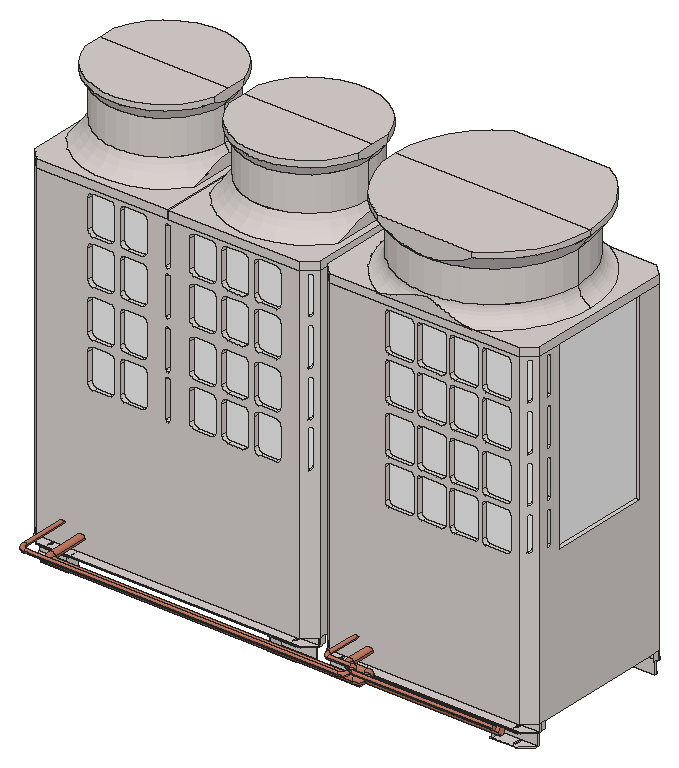
Revit family "PUHY-P650YSNW-A1", category 機械設備, Revit 2016 (continued)
Definition of nested family "PUHY-P250YNW-A1"
  Nested families
    nested 7: "ATTACHMENT LEG" at (374, 349, 0) x (-1, 0, 0) z (0, 0, 1), type "ATTACHMENT LEG"
  Connectors
    piping at (-217, -189, 176), diameter 22.2, driven by "Gas pipe_radius"
      settings: on Extrusion 18, index 3, connector inside diameter 22.2 mm, connector length 0.000 mm, flow factor 0, pipe flow 0.0 L/s, pressure drop 0.0 Pa, fitting loss kfactor 0, connector angle 0.00°, fixture units 0, engagement length 0.000 mm, angle of deflection 0.00°, flow configuration 0, flow direction 0, fitting loss method 0, system type 22, joint type 0, gender type 0, connector reference index -1, connector utility 0, adjustable connector no, is connector primary yes, connector description "Refrigerant service valve (gas)"
    piping at (-300, -172, 176), diameter 9.52, driven by "Liquid pipe_radius"
      settings: on Extrusion 19, index 4, connector inside diameter 9.52 mm, connector length 0.000 mm, flow factor 0, pipe flow 0.0 L/s, pressure drop 0.0 Pa, fitting loss kfactor 0, connector angle 0.00°, fixture units 0, engagement length 0.000 mm, angle of deflection 0.00°, flow configuration 0, flow direction 0, fitting loss method 0, system type 22, joint type 0, gender type 0, connector reference index -1, connector utility 0, adjustable connector no, is connector primary no, connector description "Refrigerant service valve (Liquid)"
    electrical at (0, -370, 808)
      settings: on cut or joined group of Extrusion 1, Extrusion 2, Extrusion 3, Extrusion 4, Extrusion 5, Extrusion 6, Extrusion 7, Extrusion 8, Extrusion 9, Extrusion 10, Extrusion 11, Extrusion 12, Extrusion 13, Extrusion 14, Extrusion 15, Extrusion 16, Extrusion 17, Extrusion 20, Extrusion 21, Extrusion 22, Extrusion 23, Extrusion 24, Extrusion 25, Extrusion 26, Extrusion 27, Extrusion 28, Extrusion 29, Extrusion 30, Extrusion 31, Extrusion 32, index 5, voltage 415 V, apparent load 0 VA, apparent load phase1 0 VA, apparent load phase2 0 VA, apparent load phase3 0 VA, power factor 1, load classification none, number of poles 3, system type 30, power factor state 1, is connector primary yes, connector utility no, sub classification motor no, connector description ""
  Definition of nested family "FAN GUARD"
    Parameters
      WIDTH [instance] = 920.000 mm
    Reference planes
      plane 1 "中心(正面/背面)": y = 0
      plane 2: z = 0
      plane 3 "中心(左/右)": x = 0
      plane 4 "ファンガード基準面": z = 660
      plane 5: y = 370
      plane 6: y = -370
      plane 7: x = 460
      plane 8: x = -460
      plane 9 "ファンガード基準上面": z = 694
      plane 10 "ファンガード上面": z = 997
    Forms (mm)
      Extrusion 1, solid
        sketch origin (0, 0, 660) x (-1, 0, 0) y (0, -1, 0)
          loop
            line (410, -370) -> (460, -320) -> (460, 320) -> (410, 370) -> (-410, 370) -> (-460, 320) -> (-460, -320) -> (-410, -370) -> (410, -370)
        from 0 to 34
      Revolve 2, solid
        sketch origin (0, 0, 0) x (1, 0, 0) y (0, 0, 1)
          loop
            line (0, 694) -> (0, 997) -> (-423, 997) -> (-423, 973) -> (-368.829, 903.664) -> (-368.829, 764.141)
            arc (-368.829, 764.141) -> (-384.109, 719.678) -> (-423.494, 694) r 72.332
            line (-423.494, 694) -> (0, 694)
          axis (0, 997) -> (0, 694)
        angle from 0 to 360
      Extrusion 3, void
        sketch origin (0, 0, 694) x (-1, 0, 0) y (0, -1, 0)
          loop
            line (345, -370) -> (-345, -370) -> (-345, -545) -> (345, -545) -> (345, -370)
          loop
            line (345, 370) -> (345, 539.592) -> (-345, 539.592) -> (-345, 370) -> (345, 370)
        from 0 to 400
    Cuts and joins
      Extrusion 3 cuts Revolve 2
    Lines and regions (mm)
      model lines
        curve 1: line (-423, 0, 997) -> (-80, 0, 997)
        curve 2: line (80, 0, 997) -> (423, 0, 997)
        curve 3: circle (0, 0, 997) r 80 normal (0, 0, 1)
        curve 4: line (-415.366, -80, 997) -> (415.366, -80, 997)
        curve 5: line (-391.572, -160, 997) -> (391.572, -160, 997)
        curve 6: line (-348.323, -240, 997) -> (348.323, -240, 997)
        curve 7: line (-276.639, -320, 997) -> (276.639, -320, 997)
        curve 8: line (-415.366, 80, 997) -> (415.366, 80, 997)
        curve 9: line (-391.572, 160, 997) -> (391.572, 160, 997)
        curve 10: line (-348.323, 240, 997) -> (348.323, 240, 997)
        curve 11: line (-276.639, 320, 997) -> (276.639, 320, 997)
        curve 12: line (0, 370, 997) -> (0, -370, 997)
        curve 13: line (-20, 370, 997) -> (-20, -370, 997)
        curve 14: line (-40, 370, 997) -> (-40, -370, 997)
        curve 15: line (-60, 370, 997) -> (-60, -370, 997)
        curve 16: line (-80, 370, 997) -> (-80, -370, 997)
        curve 17: line (20, 370, 997) -> (20, -370, 997)
        curve 18: line (40, 370, 997) -> (40, -370, 997)
        curve 19: line (60, 370, 997) -> (60, -370, 997)
        curve 20: line (80, 370, 997) -> (80, -370, 997)
        curve 21: line (100, 370, 997) -> (100, -370, 997)
        curve 22: line (120, 370, 997) -> (120, -370, 997)
        curve 23: line (140, 370, 997) -> (140, -370, 997)
        curve 24: line (160, 370, 997) -> (160, -370, 997)
        curve 25: line (180, 370, 997) -> (180, -370, 997)
        curve 26: line (200, 370, 997) -> (200, -370, 997)
        curve 27: line (220, 361.288, 997) -> (220, -361.288, 997)
        curve 28: line (240, 348.323, 997) -> (240, -348.323, 997)
        curve 29: line (260, 333.66, 997) -> (260, -333.66, 997)
        curve 30: line (280, 317.063, 997) -> (280, -317.063, 997)
        curve 31: line (300, 298.21, 997) -> (300, -298.21, 997)
        curve 32: line (320, 276.639, 997) -> (320, -276.639, 997)
        curve 33: line (340, 251.653, 997) -> (340, -251.653, 997)
        curve 34: line (360, 222.101, 997) -> (360, -222.101, 997)
        curve 35: line (380, 185.82, 997) -> (380, -185.82, 997)
        curve 36: line (400, 137.583, 997) -> (400, -137.583, 997)
        curve 37: line (420, 50.289, 997) -> (420, -50.289, 997)
        curve 38: line (-100, 370, 997) -> (-100, -370, 997)
        curve 39: line (-120, 370, 997) -> (-120, -370, 997)
        curve 40: line (-140, 370, 997) -> (-140, -370, 997)
        curve 41: line (-160, 370, 997) -> (-160, -370, 997)
        curve 42: line (-180, 370, 997) -> (-180, -370, 997)
        curve 43: line (-200, 370, 997) -> (-200, -370, 997)
        curve 44: line (-220, 361.288, 997) -> (-220, -361.288, 997)
        curve 45: line (-240, 348.323, 997) -> (-240, -348.323, 997)
        curve 46: line (-260, 333.66, 997) -> (-260, -333.66, 997)
        curve 47: line (-280, 317.063, 997) -> (-280, -317.063, 997)
        curve 48: line (-300, 298.21, 997) -> (-300, -298.21, 997)
        curve 49: line (-320, 276.639, 997) -> (-320, -276.639, 997)
        curve 50: line (-340, 251.653, 997) -> (-340, -251.653, 997)
        curve 51: line (-360, 222.101, 997) -> (-360, -222.101, 997)
        curve 52: line (-380, 185.82, 997) -> (-380, -185.82, 997)
        curve 53: line (-400, 137.583, 997) -> (-400, -137.583, 997)
        curve 54: line (-420, 50.289, 997) -> (-420, -50.289, 997)
        curve 55: line (10, 79.373, 997) -> (10, -79.373, 997)
        curve 56: line (-10, 79.373, 997) -> (-10, -79.373, 997)
        curve 57: line (30, 74.162, 997) -> (30, -74.162, 997)
        curve 58: line (50, 62.45, 997) -> (50, -62.45, 997)
        curve 59: line (70, 38.73, 997) -> (70, -38.73, 997)
        curve 60: line (-30, 74.162, 997) -> (-30, -74.162, 997)
        curve 61: line (-50, 62.45, 997) -> (-50, -62.45, 997)
        curve 62: line (-70, 38.73, 997) -> (-70, -38.73, 997)
    Dimensions and locks
      "WIDTH": plane 8 to plane 7
      locked: plane 6 to plane 5 at 740
      equal spacing: plane 8, plane 3 "中心(左/右)", plane 7
      equal spacing: plane 6, plane 1 "中心(正面/背面)", plane 5
      plane 3 "中心(左/右)" to Revolve 2 sketch curve = 423.000 mm
      locked: plane 10 "ファンガード上面" to plane 9 "ファンガード基準上面" at 303
      aligned and locked: level to plane 2
      aligned and locked: plane 5 to Extrusion 1 sketch curve
      aligned and locked: Extrusion 1 sketch curve to plane 6
      aligned and locked: plane 8 to Extrusion 1 sketch curve
      aligned and locked: plane 7 to Extrusion 1 sketch curve
      aligned and locked: plane 9 "ファンガード基準上面" to Extrusion 1
      aligned and locked: plane 4 "ファンガード基準面" to Extrusion 1
      aligned and locked: plane 9 "ファンガード基準上面" to Revolve 2 sketch curve
      aligned and locked: Revolve 2 sketch curve to plane 3 "中心(左/右)"
      aligned and locked: Extrusion 1 to Extrusion 3 sketch curve
      aligned and locked: Extrusion 3 sketch curve to Extrusion 1
      aligned and locked: cut or joined group of Revolve 2, Extrusion 3 to plane 10 "ファンガード上面"
    Automatic sketch dimensions
      Extrusion 1 sketch curve to plane 7 = 50.000 mm  (x2)
      plane 8 to Extrusion 1 sketch curve = 50.000 mm  (x2)
      plane 5 to Extrusion 1 sketch curve = 50.000 mm  (x2)
      Extrusion 1 sketch curve to plane 6 = 50.000 mm  (x2)
      plane 3 "中心(左/右)" to Extrusion 3 sketch curve = 345.000 mm  (x2)
      Extrusion 3 sketch curve to plane 3 "中心(左/右)" = 345.000 mm  (x2)
      Extrusion 3 sketch curve to Extrusion 3 sketch curve = 175.000 mm
      Extrusion 3 sketch curve to Extrusion 3 sketch curve = 169.592 mm
      plane 1 "中心(正面/背面)" to curve 2 = 0.000 mm
      plane 1 "中心(正面/背面)" to curve 3 = 0.000 mm
      curve 3 to plane 3 "中心(左/右)" = 0.000 mm
      curve 12 to plane 3 "中心(左/右)" = 0.000 mm
      plane 1 "中心(正面/背面)" to curve 1 = 0.000 mm
      plane 3 "中心(左/右)" to curve 55 = 10.000 mm
      curve 17 to curve 12 = 20.000 mm
      curve 57 to curve 55 = 20.000 mm
      curve 18 to curve 17 = 20.000 mm
      curve 58 to curve 57 = 20.000 mm
      curve 19 to curve 18 = 20.000 mm
      curve 59 to curve 58 = 20.000 mm
      curve 20 to curve 19 = 20.000 mm
      curve 2 to curve 59 = 10.000 mm
      curve 21 to curve 20 = 20.000 mm
      curve 22 to curve 21 = 20.000 mm
      curve 23 to curve 22 = 20.000 mm
      curve 24 to curve 23 = 20.000 mm
      curve 25 to curve 24 = 20.000 mm
      curve 26 to curve 25 = 20.000 mm
      curve 27 to curve 26 = 20.000 mm
      curve 28 to curve 27 = 20.000 mm
      curve 29 to curve 28 = 20.000 mm
      curve 11 to curve 29 = 16.639 mm
      curve 7 to curve 29 = 16.639 mm
      curve 30 to curve 7 = 3.361 mm
      curve 31 to curve 30 = 20.000 mm
      curve 32 to curve 31 = 20.000 mm
      curve 33 to curve 32 = 20.000 mm
      curve 6 to curve 33 = 8.323 mm
      curve 10 to curve 33 = 8.323 mm
      curve 34 to curve 10 = 11.677 mm
      curve 35 to curve 34 = 20.000 mm
      curve 9 to curve 35 = 11.572 mm
      curve 5 to curve 35 = 11.572 mm
      curve 36 to curve 9 = 8.428 mm
      curve 8 to curve 36 = 15.366 mm
      curve 4 to curve 36 = 15.366 mm
      curve 37 to curve 8 = 4.634 mm
      curve 2 to curve 37 = 3.000 mm
      curve 56 to plane 3 "中心(左/右)" = 10.000 mm
      curve 13 to plane 3 "中心(左/右)" = 20.000 mm
      curve 56 to curve 60 = 20.000 mm
      curve 13 to curve 14 = 20.000 mm
      curve 60 to curve 61 = 20.000 mm
      curve 14 to curve 15 = 20.000 mm
      curve 61 to curve 62 = 20.000 mm
      curve 15 to curve 16 = 20.000 mm
      curve 16 to curve 38 = 20.000 mm
      curve 38 to curve 39 = 20.000 mm
      curve 39 to curve 40 = 20.000 mm
      curve 40 to curve 41 = 20.000 mm
      curve 41 to curve 42 = 20.000 mm
      curve 42 to curve 43 = 20.000 mm
      curve 43 to curve 44 = 20.000 mm
      curve 44 to curve 45 = 20.000 mm
      curve 45 to curve 46 = 20.000 mm
      curve 46 to curve 7 = 16.639 mm
      curve 46 to curve 11 = 16.639 mm
      curve 7 to curve 47 = 3.361 mm
      curve 47 to curve 48 = 20.000 mm
      curve 48 to curve 49 = 20.000 mm
      curve 49 to curve 50 = 20.000 mm
      curve 50 to curve 6 = 8.323 mm
      curve 50 to curve 10 = 8.323 mm
      curve 10 to curve 51 = 11.677 mm
      curve 51 to curve 52 = 20.000 mm
      curve 52 to curve 9 = 11.572 mm
      curve 52 to curve 5 = 11.572 mm
      curve 5 to curve 53 = 8.428 mm
      curve 53 to curve 4 = 15.366 mm
      curve 53 to curve 8 = 15.366 mm
      curve 4 to curve 54 = 4.634 mm
      curve 54 to curve 1 = 3.000 mm
      curve 8 to plane 1 "中心(正面/背面)" = 80.000 mm
      curve 36 to curve 8 = 57.583 mm
      curve 53 to curve 8 = 57.583 mm
      curve 9 to curve 36 = 22.417 mm
      curve 52 to curve 9 = 25.820 mm
      curve 35 to curve 9 = 25.820 mm
      curve 51 to curve 52 = 36.282 mm
      curve 34 to curve 35 = 36.282 mm
      curve 10 to curve 51 = 17.899 mm
      curve 33 to curve 10 = 11.653 mm
      curve 50 to curve 10 = 11.653 mm
      curve 49 to curve 50 = 24.986 mm
      curve 32 to curve 33 = 24.986 mm
      curve 48 to curve 49 = 21.571 mm
      curve 31 to curve 32 = 21.571 mm
      curve 47 to curve 48 = 18.853 mm
      curve 30 to curve 31 = 18.853 mm
      curve 11 to curve 30 = 2.937 mm
      curve 29 to curve 11 = 13.660 mm
      curve 46 to curve 11 = 13.660 mm
      curve 28 to curve 29 = 14.663 mm
      curve 45 to curve 46 = 14.663 mm
      curve 44 to curve 45 = 12.965 mm
      curve 27 to curve 28 = 12.965 mm
      curve 12 to curve 27 = 8.712 mm
      curve 12 to curve 21 = 0.000 mm
      curve 13 to curve 12 = 0.000 mm
      curve 14 to curve 13 = 0.000 mm  (x2)
      curve 12 to curve 18 = 0.000 mm
      curve 21 to curve 23 = 0.000 mm
      curve 43 to curve 44 = 8.712 mm
      curve 23 to curve 24 = 0.000 mm  (x2)
      curve 43 to curve 42 = 0.000 mm  (x2)
      curve 24 to curve 25 = 0.000 mm  (x2)
      curve 42 to curve 41 = 0.000 mm  (x2)
      curve 25 to curve 26 = 0.000 mm  (x2)
      curve 41 to curve 40 = 0.000 mm  (x2)
      curve 20 to curve 21 = 0.000 mm  (x2)
      curve 40 to curve 39 = 0.000 mm  (x2)
      curve 15 to curve 14 = 0.000 mm
      curve 39 to curve 38 = 0.000 mm
      curve 38 to curve 16 = 0.000 mm  (x2)
      curve 18 to curve 19 = 0.000 mm  (x2)
      curve 12 to curve 17 = 0.000 mm  (x2)
      curve 21 to curve 22 = 0.000 mm  (x2)
      curve 8 to curve 37 = 29.711 mm
      curve 8 to curve 54 = 29.711 mm
      plane 1 "中心(正面/背面)" to curve 37 = 50.289 mm
      plane 1 "中心(正面/背面)" to curve 54 = 50.289 mm
      curve 37 to curve 4 = 29.711 mm
      curve 4 to curve 36 = 57.583 mm
      curve 4 to curve 53 = 57.583 mm
      curve 36 to curve 5 = 22.417 mm
      curve 5 to curve 52 = 25.820 mm
      curve 5 to curve 35 = 25.820 mm
      curve 35 to curve 34 = 36.282 mm
      curve 52 to curve 51 = 36.282 mm
      curve 51 to curve 6 = 17.899 mm
      curve 6 to curve 50 = 11.653 mm
      curve 6 to curve 33 = 11.653 mm
      curve 50 to curve 49 = 24.986 mm
      curve 33 to curve 32 = 24.986 mm
      curve 49 to curve 48 = 21.571 mm
      curve 32 to curve 31 = 21.571 mm
      curve 48 to curve 47 = 18.853 mm
      curve 31 to curve 30 = 18.853 mm
      curve 30 to curve 7 = 2.937 mm
      curve 7 to curve 46 = 13.660 mm
      curve 7 to curve 29 = 13.660 mm
      curve 29 to curve 28 = 14.663 mm
      curve 46 to curve 45 = 14.663 mm
      curve 45 to curve 44 = 12.965 mm
      curve 28 to curve 27 = 12.965 mm
      curve 44 to curve 13 = 8.712 mm
      curve 27 to curve 23 = 8.712 mm
      curve 15 to curve 13 = 0.000 mm
      curve 44 to curve 42 = 8.712 mm
      curve 16 to curve 15 = 0.000 mm
      curve 22 to curve 23 = 0.000 mm
      curve 13 to curve 17 = 0.000 mm
      curve 17 to curve 19 = 0.000 mm
      Revolve 2 sketch curve to plane 3 "中心(左/右)" = 0.000 mm
      Revolve 2 sketch curve to plane 10 "ファンガード上面" = 0.000 mm
      plane 9 "ファンガード基準上面" to Revolve 2 sketch curve = 70.141 mm
      Revolve 2 sketch curve to Revolve 2 sketch curve = 18.161 mm
      Revolve 2 sketch curve to level = 1700.815 mm
      Revolve 2 sketch curve to plane 10 "ファンガード上面" = 93.336 mm
      Revolve 2 sketch curve to plane 10 "ファンガード上面" = 24.000 mm
      Revolve 2 sketch curve to Revolve 2 sketch curve = 790.769 mm
      Revolve 2 sketch curve to Revolve 2 sketch curve = 17.668 mm
  Definition of nested family "BASE LEG"
    Parameters
      Width [instance] = 920.000 mm
    Reference planes
      plane 1 "中心(正面/背面)": y = 0
      plane 2: z = 0
      plane 3 "中心(左/右)": x = 0
      plane 4: x = 460
      plane 5: x = -460
      plane 6: x = -380
      plane 7: x = 380
      plane 8: y = -18
      plane 9: y = 39
      plane 10: z = 53
      plane 11: y = 42
      plane 12: y = 27
      plane 13: x = 415
      plane 14: x = -415
      plane 15: z = 8
      plane 16: y = 11.5
      plane 17: z = 35
    Forms (mm)
      Extrusion 1, solid
        sketch origin (0, 0, 0) x (0, 1, 0) y (0, 0, 1)
          loop
            line (-18, 0) -> (36, 0) -> (36, 32) -> (56, 32) -> (56, 35) -> (33, 35) -> (33, 3) -> (-18, 3) -> (-18, 0)
        from -460 to 460
      Extrusion 2, void
        sketch origin (0, 0, 0) x (1, 0, 0) y (0, 1, 0)
          loop
            line (415, -18) -> (460, -18) -> (460, 27) -> (415, -18)
          loop
            line (-415, -18) -> (-460, 27) -> (-460, -18) -> (-415, -18)
        from 0 to 250
      Extrusion 3, void
        sketch origin (0, 12.023, 0) x (1, 0, 0) y (0, 1, 0)
          loop
            arc (373, -2.971) -> (380, -9.971) -> (387, -2.971) r 7
            line (387, -2.971) -> (387, 3.023)
            arc (387, 3.023) -> (380, 10.023) -> (373, 3.023) r 7
            line (373, 3.023) -> (373, -2.971)
          loop
            line (-373, -2.971) -> (-373, 3.023)
            arc (-373, 3.023) -> (-380, 10.023) -> (-387, 3.023) r 7
            line (-387, 3.023) -> (-387, -2.971)
            arc (-387, -2.971) -> (-380, -9.971) -> (-373, -2.971) r 7
        from 0 to 250
      Extrusion 4, solid
        sketch origin (0, 0, -3) x (1, 0, 0) y (0, 0, 1)
          loop
            line (457, 8) -> (460, 8) -> (460, 35) -> (457, 35) -> (457, 8)
          loop
            line (-457, 8) -> (-457, 35) -> (-460, 35) -> (-460, 8) -> (-457, 8)
        from -36 to -56
      Extrusion 5, solid
        sketch origin (150, 352, 0) x (1, 0, 0) y (0, 1, 0)
          loop
            line (310, -319) -> (305, -319) -> (305, -320) -> (255, -370) -> (260, -370) -> (310, -320) -> (310, -319)
        from 3 to 35
      Extrusion 6, void
        sketch origin (410, -18, 0) x (0.707107, 0.707107, 0) y (0, 0, 1)
          loop
            line (70.711, 3) -> (-6.741, 39.767) -> (-6.741, 3) -> (70.711, 3)
        from -190.256 to 23.776
      Extrusion 7, solid
        sketch origin (-150, 352, 0) x (-1, 0, 0) y (0, -1, 0)
          loop
            line (310, 319) -> (310, 320) -> (260, 370) -> (255, 370) -> (305, 320) -> (305, 319) -> (310, 319)
        from 3 to 35
      Extrusion 8, void
        sketch origin (-410, -18, 0) x (0.707107, -0.707107, 0) y (0, 0, -1)
          loop
            line (-70.711, -3) -> (0, -35) -> (6.741, -35) -> (6.741, -3) -> (-70.711, -3)
        from -190.256 to 23.776
    Cuts and joins
      Extrusion 2, Extrusion 3 cuts Extrusion 1
      joined: Extrusion 1, Extrusion 4
      Extrusion 8 cuts Extrusion 7
      Extrusion 6 cuts Extrusion 5
    Dimensions and locks
      "Width": plane 5 to plane 4
      equal spacing: plane 5, plane 3 "中心(左/右)", plane 4
      locked: plane 5 to plane 6 at 80
      locked: plane 7 to plane 4 at 80
      locked: plane 8 to plane 9 at 57
      locked: plane 10 to level at 53
      locked: plane 9 to plane 11 at 3
      plane 8 to plane 12 = 45.000 mm
      locked: plane 13 to plane 4 at 45
      locked: plane 5 to plane 14 at 45
      equal spacing: Extrusion 3 sketch curve, plane 7, Extrusion 3 sketch curve
      equal spacing: Extrusion 3 sketch curve, plane 6, Extrusion 3 sketch curve
      locked: plane 10 to plane 15 at 45
      locked: cut or joined group of Extrusion 1, Extrusion 2, Extrusion 3, Extrusion 4 to Extrusion 4 sketch curve at 3  (x2)
      locked: plane 8 to plane 16 at 29.5
      plane 8 to plane 11 = 60.000 mm
      cut or joined group of Extrusion 1, Extrusion 2, Extrusion 3, Extrusion 4 to cut or joined group of Extrusion 1, Extrusion 2, Extrusion 3, Extrusion 4 = 35.000 mm
      aligned and locked: level to plane 2
      aligned and locked: plane 8 to Extrusion 1 sketch curve
      aligned and locked: plane 4 to Extrusion 1
      aligned and locked: Extrusion 1 to plane 5
      aligned and locked: Extrusion 2 sketch curve to plane 4
      aligned and locked: Extrusion 2 sketch curve to plane 8
      aligned and locked: plane 12 to Extrusion 2 sketch curve
      aligned and locked: plane 13 to Extrusion 2 sketch curve
      aligned and locked: plane 4 to Extrusion 4 sketch curve
      aligned and locked: plane 5 to Extrusion 4 sketch curve
      aligned and locked: cut or joined group of Extrusion 7, Extrusion 8 to cut or joined group of Extrusion 1, Extrusion 2, Extrusion 3, Extrusion 4
    Automatic sketch dimensions
      Extrusion 3 sketch curve to plane 1 "中心(正面/背面)" = 9.052 mm  (x2)
      Extrusion 3 sketch curve to plane 7 = 7.000 mm
      Extrusion 3 sketch curve to plane 1 "中心(正面/背面)" = 15.046 mm  (x2)
      Extrusion 3 sketch curve to plane 6 = 7.000 mm
      Extrusion 2 sketch curve to plane 5 = 0.000 mm
      plane 8 to Extrusion 2 sketch curve = 0.000 mm
      Extrusion 2 sketch curve to plane 14 = 0.000 mm
      plane 12 to Extrusion 2 sketch curve = 0.000 mm
      Extrusion 4 sketch curve to plane 10 = 21.000 mm
      plane 7 to Extrusion 5 sketch curve = 25.000 mm
      Extrusion 5 sketch curve to Extrusion 5 sketch curve = 5.000 mm  (x2)
      plane 7 to Extrusion 5 sketch curve = 75.000 mm
      plane 8 to Extrusion 5 sketch curve = 0.000 mm
      Extrusion 5 sketch curve to Extrusion 5 sketch curve = 50.000 mm
      Extrusion 5 sketch curve to Extrusion 5 sketch curve = 0.000 mm
      Extrusion 5 sketch curve to Extrusion 5 sketch curve = 1.000 mm
      Extrusion 6 sketch curve to Extrusion 5 = 0.000 mm  (x2)
      Extrusion 6 sketch curve to Extrusion 5 = 6.741 mm
      Extrusion 6 sketch curve to Extrusion 5 = 4.767 mm
      plane 6 to Extrusion 7 sketch curve = 25.000 mm
      Extrusion 7 sketch curve to Extrusion 7 sketch curve = 5.000 mm  (x2)
      Extrusion 7 sketch curve to Extrusion 7 sketch curve = 45.000 mm
      Extrusion 7 sketch curve to plane 8 = 0.000 mm
      Extrusion 7 sketch curve to Extrusion 7 sketch curve = 50.000 mm
      Extrusion 7 sketch curve to Extrusion 7 sketch curve = 0.000 mm
      Extrusion 7 sketch curve to Extrusion 7 sketch curve = 1.000 mm
      Extrusion 8 sketch curve to Extrusion 7 = 0.000 mm  (x2)
      Extrusion 7 to Extrusion 8 sketch curve = 0.000 mm  (x2)
      Extrusion 7 to Extrusion 8 sketch curve = 6.741 mm
      Extrusion 4 sketch curve to plane 17 = 3.000 mm
      Extrusion 4 sketch curve to plane 15 = 3.000 mm  (x2)
      Extrusion 1 sketch curve to plane 17 = 0.000 mm
      Extrusion 1 sketch curve to level = 0.000 mm
      level to Extrusion 1 sketch curve = 3.000 mm
      plane 9 to Extrusion 1 sketch curve = 6.000 mm
      plane 9 to Extrusion 1 sketch curve = 3.000 mm
      Extrusion 1 sketch curve to plane 17 = 3.000 mm
      Extrusion 1 sketch curve to plane 11 = 14.000 mm
  Definition of nested family "ATTACHMENT LEG"
    Parameters
      Width = 145.000 mm
    Reference planes
      plane 1: z = 0
      plane 2 "中心(左/右)": x = -6
      plane 3: x = -52
      plane 4: x = 85
      plane 5: x = 93
      plane 6: y = -21
      plane 7: y = 27
      plane 8: x = -30
      plane 9: y = 39
      plane 10: z = 60
      plane 11: z = 57
      plane 12: z = 3
      plane 13: x = 82
      plane 14: y = 36
      plane 15: x = -75
      plane 16: y = 31
      plane 17 "幅": x = 93
      plane 18: y = 2.5
      plane 19: y = 21
      plane 20: y = -10
    Forms (mm)
      Extrusion 1, solid
        sketch origin (0, -1, 0) x (1, 0, 0) y (0, 1, 0)
          loop
            line (-75, 36) -> (-75, 27) -> (-28, -20) -> (93, -20) -> (93, 32) -> (85, 32) -> (85, 36) -> (-75, 36)
        from 0 to 60
      Extrusion 2, void
        sketch origin (0, -3, 0) x (1, 0, 0) y (0, 0, 1)
          loop
            line (-75, 57) -> (-75, 3) -> (82, 3) -> (82, 57) -> (-75, 57)
          loop
            line (93, 57) -> (85, 57) -> (85, 3) -> (93, 3) -> (93, 57)
        from -35 to 18
      Extrusion 3, void
        sketch origin (-6, 5.5, 0) x (1, 0, 0) y (0, 1, 0)
          loop
            arc (-7, -8.5) -> (0, -15.5) -> (7, -8.5) r 7
            line (7, -8.5) -> (7, 8.5)
            arc (7, 8.5) -> (0, 15.5) -> (-7, 8.5) r 7
            line (-7, 8.5) -> (-7, -8.5)
        from 0 to 60
    Cuts and joins
      Extrusion 2, Extrusion 3 cuts Extrusion 1
    Dimensions and locks
      locked: plane 3 to plane 4 at 137
      locked: plane 3 to plane 5 at 145
      plane 6 to plane 7 = 48.000 mm
      locked: plane 10 to level at 60
      Extrusion 3 sketch curve to plane 2 "中心(左/右)" = 7.000 mm
      locked: plane 15 to plane 2 "中心(左/右)" at 69
      locked: plane 15 to plane 8 at 45
      locked: plane 6 to plane 18 at 23.5
      cut or joined group of Extrusion 1, Extrusion 2, Extrusion 3 to cut or joined group of Extrusion 1, Extrusion 2, Extrusion 3 = 168.000 mm
      cut or joined group of Extrusion 1, Extrusion 2, Extrusion 3 to cut or joined group of Extrusion 1, Extrusion 2, Extrusion 3 = 56.000 mm  (x2)
      plane 14 to plane 6 = 57.000 mm
      aligned and locked: level to plane 1
      aligned and locked: Extrusion 1 sketch curve to plane 4
      aligned and locked: Extrusion 1 sketch curve to plane 5
      aligned: plane 8 to Extrusion 1 sketch curve
      aligned and locked: plane 10 to Extrusion 1
      aligned and locked: Extrusion 2 sketch curve to plane 11
      aligned: plane 3 to Extrusion 2 sketch curve
      aligned and locked: plane 12 to Extrusion 2 sketch curve
      aligned and locked: Extrusion 2 sketch curve to plane 13
      aligned and locked: plane 6 to Extrusion 2
      aligned and locked: plane 11 to Extrusion 2 sketch curve
      aligned and locked: plane 5 to Extrusion 2 sketch curve
      aligned and locked: Extrusion 2 sketch curve to plane 12
      aligned and locked: Extrusion 2 sketch curve to plane 4
      aligned and locked: plane 15 to Extrusion 1 sketch curve
      aligned and locked: Extrusion 2 sketch curve to cut or joined group of Extrusion 1, Extrusion 2, Extrusion 3
      aligned and locked: Extrusion 1 to plane 16
Definition of nested family "PUHY-P400YNW-A1"
  Parameters
    Model = "PUHY-P400YNW-A"
    URL = "http://www.mitsubishielectric.com/"
    Manufacturer = "Mitsubishi Electric Corporation"
    Liquid pipe_radius = 12.700 mm
    Gas pipe_radius = 14.290 mm
  Reference planes
    plane 1 "Center (Front/Back)": y = 0
    plane 2: z = 0
    plane 3 "Center (Left/Right)": x = 0
    plane 4: y = 370
    plane 5: z = 1858
    plane 6: y = -260
    plane 7: y = -204
    plane 8: y = -185
    plane 9: x = -620
    plane 10: x = 620
    plane 11: x = -620
    plane 12: z = 716
    plane 13: x = -524
    plane 14: z = 669
    plane 15: x = -50.5
    plane 16: x = 51
    plane 17: x = 489
    plane 18: x = 467
    plane 19 "132": x = 488
    plane 20 "100": z = 160
    plane 21: z = 185
    plane 22: x = 413
    plane 23: x = 364
    plane 24: z = 150
    plane 25: x = -287.25
    plane 26: x = -137.25
    plane 27: x = -272.25
    plane 28: y = -278
    plane 29: z = 1509
    plane 30: y = -370
    plane 31: x = -530
    plane 32: x = 530
    plane 33 "179": y = -191
  Forms (mm)
    Extrusion 1, solid
      sketch origin (-1, 0, 113) x (-1, 0, 0) y (0, -1, 0)
        loop
          line (569, -370) -> (619, -320) -> (619, 320) -> (569, 370) -> (-571, 370) -> (-621, 320) -> (-621, -320) -> (-571, -370) -> (569, -370)
      from -18 to 1408
    Extrusion 2, void
      sketch origin (524, -370, 113) x (1, 0, 0) y (0, 0, -1)
        loop
          arc (-60.8, -1393.5) -> (-42.557, -1385.943) -> (-35, -1367.7) r 25.8
          line (-35, -1367.7) -> (-35, -1248.5)
          arc (-35, -1248.5) -> (-42.557, -1230.257) -> (-60.8, -1222.7) r 25.8
          line (-60.8, -1222.7) -> (-126, -1222.7)
          arc (-126, -1222.7) -> (-144.243, -1230.257) -> (-151.8, -1248.5) r 25.8
          line (-151.8, -1248.5) -> (-151.8, -1367.7)
          arc (-151.8, -1367.7) -> (-144.243, -1385.943) -> (-126, -1393.5) r 25.8
          line (-126, -1393.5) -> (-60.8, -1393.5)
      from 0 to 20
    Extrusion 3, void
      sketch origin (524, -370, -81) x (1, 0, 0) y (0, 0, -1)
        loop
          arc (-60.8, -1393.5) -> (-42.557, -1385.943) -> (-35, -1367.7) r 25.8
          line (-35, -1367.7) -> (-35, -1248.5)
          arc (-35, -1248.5) -> (-42.557, -1230.257) -> (-60.8, -1222.7) r 25.8
          line (-60.8, -1222.7) -> (-126, -1222.7)
          arc (-126, -1222.7) -> (-144.243, -1230.257) -> (-151.8, -1248.5) r 25.8
          line (-151.8, -1248.5) -> (-151.8, -1367.7)
          arc (-151.8, -1367.7) -> (-144.243, -1385.943) -> (-126, -1393.5) r 25.8
          line (-126, -1393.5) -> (-60.8, -1393.5)
      from 0 to 20
    Extrusion 4, void
      sketch origin (524, -370, -287) x (1, 0, 0) y (0, 0, -1)
        loop
          arc (-60.8, -1393.5) -> (-42.557, -1385.943) -> (-35, -1367.7) r 25.8
          line (-35, -1367.7) -> (-35, -1248.5)
          arc (-35, -1248.5) -> (-42.557, -1230.257) -> (-60.8, -1222.7) r 25.8
          line (-60.8, -1222.7) -> (-126, -1222.7)
          arc (-126, -1222.7) -> (-144.243, -1230.257) -> (-151.8, -1248.5) r 25.8
          line (-151.8, -1248.5) -> (-151.8, -1367.7)
          arc (-151.8, -1367.7) -> (-144.243, -1385.943) -> (-126, -1393.5) r 25.8
          line (-126, -1393.5) -> (-60.8, -1393.5)
      from 0 to 20
    Extrusion 5, void
      sketch origin (524, -370, -481) x (1, 0, 0) y (0, 0, -1)
        loop
          arc (-60.8, -1393.5) -> (-42.557, -1385.943) -> (-35, -1367.7) r 25.8
          line (-35, -1367.7) -> (-35, -1248.5)
          arc (-35, -1248.5) -> (-42.557, -1230.257) -> (-60.8, -1222.7) r 25.8
          line (-60.8, -1222.7) -> (-126, -1222.7)
          arc (-126, -1222.7) -> (-144.243, -1230.257) -> (-151.8, -1248.5) r 25.8
          line (-151.8, -1248.5) -> (-151.8, -1367.7)
          arc (-151.8, -1367.7) -> (-144.243, -1385.943) -> (-126, -1393.5) r 25.8
          line (-126, -1393.5) -> (-60.8, -1393.5)
      from 0 to 20
    Extrusion 6, void
      sketch origin (384, -370, 113) x (1, 0, 0) y (0, 0, -1)
        loop
          arc (-60.8, -1393.5) -> (-42.557, -1385.943) -> (-35, -1367.7) r 25.8
          line (-35, -1367.7) -> (-35, -1248.5)
          arc (-35, -1248.5) -> (-42.557, -1230.257) -> (-60.8, -1222.7) r 25.8
          line (-60.8, -1222.7) -> (-126, -1222.7)
          arc (-126, -1222.7) -> (-144.243, -1230.257) -> (-151.8, -1248.5) r 25.8
          line (-151.8, -1248.5) -> (-151.8, -1367.7)
          arc (-151.8, -1367.7) -> (-144.243, -1385.943) -> (-126, -1393.5) r 25.8
          line (-126, -1393.5) -> (-60.8, -1393.5)
      from 0 to 20
    Extrusion 7, void
      sketch origin (384, -370, -81) x (1, 0, 0) y (0, 0, -1)
        loop
          arc (-60.8, -1393.5) -> (-42.557, -1385.943) -> (-35, -1367.7) r 25.8
          line (-35, -1367.7) -> (-35, -1248.5)
          arc (-35, -1248.5) -> (-42.557, -1230.257) -> (-60.8, -1222.7) r 25.8
          line (-60.8, -1222.7) -> (-126, -1222.7)
          arc (-126, -1222.7) -> (-144.243, -1230.257) -> (-151.8, -1248.5) r 25.8
          line (-151.8, -1248.5) -> (-151.8, -1367.7)
          arc (-151.8, -1367.7) -> (-144.243, -1385.943) -> (-126, -1393.5) r 25.8
          line (-126, -1393.5) -> (-60.8, -1393.5)
      from 0 to 20
    Extrusion 8, void
      sketch origin (384, -370, -287) x (1, 0, 0) y (0, 0, -1)
        loop
          arc (-60.8, -1393.5) -> (-42.557, -1385.943) -> (-35, -1367.7) r 25.8
          line (-35, -1367.7) -> (-35, -1248.5)
          arc (-35, -1248.5) -> (-42.557, -1230.257) -> (-60.8, -1222.7) r 25.8
          line (-60.8, -1222.7) -> (-126, -1222.7)
          arc (-126, -1222.7) -> (-144.243, -1230.257) -> (-151.8, -1248.5) r 25.8
          line (-151.8, -1248.5) -> (-151.8, -1367.7)
          arc (-151.8, -1367.7) -> (-144.243, -1385.943) -> (-126, -1393.5) r 25.8
          line (-126, -1393.5) -> (-60.8, -1393.5)
      from 0 to 20
    Extrusion 9, void
      sketch origin (384, -370, -481) x (1, 0, 0) y (0, 0, -1)
        loop
          arc (-60.8, -1393.5) -> (-42.557, -1385.943) -> (-35, -1367.7) r 25.8
          line (-35, -1367.7) -> (-35, -1248.5)
          arc (-35, -1248.5) -> (-42.557, -1230.257) -> (-60.8, -1222.7) r 25.8
          line (-60.8, -1222.7) -> (-126, -1222.7)
          arc (-126, -1222.7) -> (-144.243, -1230.257) -> (-151.8, -1248.5) r 25.8
          line (-151.8, -1248.5) -> (-151.8, -1367.7)
          arc (-151.8, -1367.7) -> (-144.243, -1385.943) -> (-126, -1393.5) r 25.8
          line (-126, -1393.5) -> (-60.8, -1393.5)
      from 0 to 20
    Extrusion 10, void
      sketch origin (244, -370, 113) x (1, 0, 0) y (0, 0, -1)
        loop
          arc (-60.8, -1393.5) -> (-42.557, -1385.943) -> (-35, -1367.7) r 25.8
          line (-35, -1367.7) -> (-35, -1248.5)
          arc (-35, -1248.5) -> (-42.557, -1230.257) -> (-60.8, -1222.7) r 25.8
          line (-60.8, -1222.7) -> (-126, -1222.7)
          arc (-126, -1222.7) -> (-144.243, -1230.257) -> (-151.8, -1248.5) r 25.8
          line (-151.8, -1248.5) -> (-151.8, -1367.7)
          arc (-151.8, -1367.7) -> (-144.243, -1385.943) -> (-126, -1393.5) r 25.8
          line (-126, -1393.5) -> (-60.8, -1393.5)
      from 0 to 20
    Extrusion 11, void
      sketch origin (244, -370, -81) x (1, 0, 0) y (0, 0, -1)
        loop
          arc (-60.8, -1393.5) -> (-42.557, -1385.943) -> (-35, -1367.7) r 25.8
          line (-35, -1367.7) -> (-35, -1248.5)
          arc (-35, -1248.5) -> (-42.557, -1230.257) -> (-60.8, -1222.7) r 25.8
          line (-60.8, -1222.7) -> (-126, -1222.7)
          arc (-126, -1222.7) -> (-144.243, -1230.257) -> (-151.8, -1248.5) r 25.8
          line (-151.8, -1248.5) -> (-151.8, -1367.7)
          arc (-151.8, -1367.7) -> (-144.243, -1385.943) -> (-126, -1393.5) r 25.8
          line (-126, -1393.5) -> (-60.8, -1393.5)
      from 0 to 20
    Extrusion 12, void
      sketch origin (244, -370, -287) x (1, 0, 0) y (0, 0, -1)
        loop
          arc (-60.8, -1393.5) -> (-42.557, -1385.943) -> (-35, -1367.7) r 25.8
          line (-35, -1367.7) -> (-35, -1248.5)
          arc (-35, -1248.5) -> (-42.557, -1230.257) -> (-60.8, -1222.7) r 25.8
          line (-60.8, -1222.7) -> (-126, -1222.7)
          arc (-126, -1222.7) -> (-144.243, -1230.257) -> (-151.8, -1248.5) r 25.8
          line (-151.8, -1248.5) -> (-151.8, -1367.7)
          arc (-151.8, -1367.7) -> (-144.243, -1385.943) -> (-126, -1393.5) r 25.8
          line (-126, -1393.5) -> (-60.8, -1393.5)
      from 0 to 20
    Extrusion 13, void
      sketch origin (244, -370, -481) x (1, 0, 0) y (0, 0, -1)
        loop
          arc (-60.8, -1393.5) -> (-42.557, -1385.943) -> (-35, -1367.7) r 25.8
          line (-35, -1367.7) -> (-35, -1248.5)
          arc (-35, -1248.5) -> (-42.557, -1230.257) -> (-60.8, -1222.7) r 25.8
          line (-60.8, -1222.7) -> (-126, -1222.7)
          arc (-126, -1222.7) -> (-144.243, -1230.257) -> (-151.8, -1248.5) r 25.8
          line (-151.8, -1248.5) -> (-151.8, -1367.7)
          arc (-151.8, -1367.7) -> (-144.243, -1385.943) -> (-126, -1393.5) r 25.8
          line (-126, -1393.5) -> (-60.8, -1393.5)
      from 0 to 20
    Extrusion 14, void
      sketch origin (-56, -370, 113) x (1, 0, 0) y (0, 0, -1)
        loop
          arc (-60.8, -1393.5) -> (-42.557, -1385.943) -> (-35, -1367.7) r 25.8
          line (-35, -1367.7) -> (-35, -1248.5)
          arc (-35, -1248.5) -> (-42.557, -1230.257) -> (-60.8, -1222.7) r 25.8
          line (-60.8, -1222.7) -> (-126, -1222.7)
          arc (-126, -1222.7) -> (-144.243, -1230.257) -> (-151.8, -1248.5) r 25.8
          line (-151.8, -1248.5) -> (-151.8, -1367.7)
          arc (-151.8, -1367.7) -> (-144.243, -1385.943) -> (-126, -1393.5) r 25.8
          line (-126, -1393.5) -> (-60.8, -1393.5)
      from 0 to 20
    Extrusion 15, void
      sketch origin (-56, -370, -81) x (1, 0, 0) y (0, 0, -1)
        loop
          arc (-60.8, -1393.5) -> (-42.557, -1385.943) -> (-35, -1367.7) r 25.8
          line (-35, -1367.7) -> (-35, -1248.5)
          arc (-35, -1248.5) -> (-42.557, -1230.257) -> (-60.8, -1222.7) r 25.8
          line (-60.8, -1222.7) -> (-126, -1222.7)
          arc (-126, -1222.7) -> (-144.243, -1230.257) -> (-151.8, -1248.5) r 25.8
          line (-151.8, -1248.5) -> (-151.8, -1367.7)
          arc (-151.8, -1367.7) -> (-144.243, -1385.943) -> (-126, -1393.5) r 25.8
          line (-126, -1393.5) -> (-60.8, -1393.5)
      from 0 to 20
    Extrusion 16, void
      sketch origin (-56, -370, -287) x (1, 0, 0) y (0, 0, -1)
        loop
          arc (-60.8, -1393.5) -> (-42.557, -1385.943) -> (-35, -1367.7) r 25.8
          line (-35, -1367.7) -> (-35, -1248.5)
          arc (-35, -1248.5) -> (-42.557, -1230.257) -> (-60.8, -1222.7) r 25.8
          line (-60.8, -1222.7) -> (-126, -1222.7)
          arc (-126, -1222.7) -> (-144.243, -1230.257) -> (-151.8, -1248.5) r 25.8
          line (-151.8, -1248.5) -> (-151.8, -1367.7)
          arc (-151.8, -1367.7) -> (-144.243, -1385.943) -> (-126, -1393.5) r 25.8
          line (-126, -1393.5) -> (-60.8, -1393.5)
      from 0 to 20
    Extrusion 17, void
      sketch origin (-56, -370, -481) x (1, 0, 0) y (0, 0, -1)
        loop
          arc (-60.8, -1393.5) -> (-42.557, -1385.943) -> (-35, -1367.7) r 25.8
          line (-35, -1367.7) -> (-35, -1248.5)
          arc (-35, -1248.5) -> (-42.557, -1230.257) -> (-60.8, -1222.7) r 25.8
          line (-60.8, -1222.7) -> (-126, -1222.7)
          arc (-126, -1222.7) -> (-144.243, -1230.257) -> (-151.8, -1248.5) r 25.8
          line (-151.8, -1248.5) -> (-151.8, -1367.7)
          arc (-151.8, -1367.7) -> (-144.243, -1385.943) -> (-126, -1393.5) r 25.8
          line (-126, -1393.5) -> (-60.8, -1393.5)
      from 0 to 20
    Extrusion 18, void
      sketch origin (-196, -370, 113) x (1, 0, 0) y (0, 0, -1)
        loop
          arc (-60.8, -1393.5) -> (-42.557, -1385.943) -> (-35, -1367.7) r 25.8
          line (-35, -1367.7) -> (-35, -1248.5)
          arc (-35, -1248.5) -> (-42.557, -1230.257) -> (-60.8, -1222.7) r 25.8
          line (-60.8, -1222.7) -> (-126, -1222.7)
          arc (-126, -1222.7) -> (-144.243, -1230.257) -> (-151.8, -1248.5) r 25.8
          line (-151.8, -1248.5) -> (-151.8, -1367.7)
          arc (-151.8, -1367.7) -> (-144.243, -1385.943) -> (-126, -1393.5) r 25.8
          line (-126, -1393.5) -> (-60.8, -1393.5)
      from 0 to 20
    Extrusion 19, void
      sketch origin (-196, -370, -81) x (1, 0, 0) y (0, 0, -1)
        loop
          arc (-60.8, -1393.5) -> (-42.557, -1385.943) -> (-35, -1367.7) r 25.8
          line (-35, -1367.7) -> (-35, -1248.5)
          arc (-35, -1248.5) -> (-42.557, -1230.257) -> (-60.8, -1222.7) r 25.8
          line (-60.8, -1222.7) -> (-126, -1222.7)
          arc (-126, -1222.7) -> (-144.243, -1230.257) -> (-151.8, -1248.5) r 25.8
          line (-151.8, -1248.5) -> (-151.8, -1367.7)
          arc (-151.8, -1367.7) -> (-144.243, -1385.943) -> (-126, -1393.5) r 25.8
          line (-126, -1393.5) -> (-60.8, -1393.5)
      from 0 to 20
    Extrusion 20, void
      sketch origin (-196, -370, -287) x (1, 0, 0) y (0, 0, -1)
        loop
          arc (-60.8, -1393.5) -> (-42.557, -1385.943) -> (-35, -1367.7) r 25.8
          line (-35, -1367.7) -> (-35, -1248.5)
          arc (-35, -1248.5) -> (-42.557, -1230.257) -> (-60.8, -1222.7) r 25.8
          line (-60.8, -1222.7) -> (-126, -1222.7)
          arc (-126, -1222.7) -> (-144.243, -1230.257) -> (-151.8, -1248.5) r 25.8
          line (-151.8, -1248.5) -> (-151.8, -1367.7)
          arc (-151.8, -1367.7) -> (-144.243, -1385.943) -> (-126, -1393.5) r 25.8
          line (-126, -1393.5) -> (-60.8, -1393.5)
      from 0 to 20
    Extrusion 21, void
      sketch origin (-196, -370, -481) x (1, 0, 0) y (0, 0, -1)
        loop
          arc (-60.8, -1393.5) -> (-42.557, -1385.943) -> (-35, -1367.7) r 25.8
          line (-35, -1367.7) -> (-35, -1248.5)
          arc (-35, -1248.5) -> (-42.557, -1230.257) -> (-60.8, -1222.7) r 25.8
          line (-60.8, -1222.7) -> (-126, -1222.7)
          arc (-126, -1222.7) -> (-144.243, -1230.257) -> (-151.8, -1248.5) r 25.8
          line (-151.8, -1248.5) -> (-151.8, -1367.7)
          arc (-151.8, -1367.7) -> (-144.243, -1385.943) -> (-126, -1393.5) r 25.8
          line (-126, -1393.5) -> (-60.8, -1393.5)
      from 0 to 20
    Extrusion 22, void
      sketch origin (620, 320, 113) x (0, 1, 0) y (0, 0, -1)
        loop
          line (-462.3, -1408) -> (-50.8, -1408) -> (-50.8, -612) -> (-462.3, -612) -> (-462.3, -1408)
      from 0 to 20
    Extrusion 23, void
      sketch origin (-620, -320, 113) x (0, -1, 0) y (0, 0, -1)
        loop
          line (-535.7, -1408) -> (-207.7, -1408) -> (-207.7, -592) -> (-535.7, -592) -> (-535.7, -1408)
      from 0 to 20
    Extrusion 24, void
      sketch origin (194.892, 370, 113) x (-1, 0, 0) y (0, 0, -1)
        loop
          arc (204.892, -1225.013) -> (194.892, -1215.013) -> (184.892, -1225.013) r 10
          line (184.892, -1225.013) -> (184.892, -1379.987)
          arc (184.892, -1379.987) -> (194.892, -1389.987) -> (204.892, -1379.987) r 10
          line (204.892, -1379.987) -> (204.892, -1225.013)
        loop
          arc (204.892, -1031.013) -> (194.892, -1021.013) -> (184.892, -1031.013) r 10
          line (184.892, -1031.013) -> (184.892, -1185.987)
          arc (184.892, -1185.987) -> (194.892, -1195.987) -> (204.892, -1185.987) r 10
          line (204.892, -1185.987) -> (204.892, -1031.013)
        loop
          arc (204.892, -825.013) -> (194.892, -815.013) -> (184.892, -825.013) r 10
          line (184.892, -825.013) -> (184.892, -979.987)
          arc (184.892, -979.987) -> (194.892, -989.987) -> (204.892, -979.987) r 10
          line (204.892, -979.987) -> (204.892, -825.013)
        loop
          arc (204.892, -631.013) -> (194.892, -621.013) -> (184.892, -631.013) r 10
          line (184.892, -631.013) -> (184.892, -785.987)
          arc (184.892, -785.987) -> (194.892, -795.987) -> (204.892, -785.987) r 10
          line (204.892, -785.987) -> (204.892, -631.013)
      from 0 to 20
    Extrusion 25, void
      sketch origin (-570, 370, 113) x (0.707107, 0.707107, 0) y (0, 0, 1)
        loop
          arc (-45.355, 1236) -> (-35.355, 1226) -> (-25.355, 1236) r 10
          line (-25.355, 1236) -> (-25.355, 1386)
          arc (-25.355, 1386) -> (-35.355, 1396) -> (-45.355, 1386) r 10
          line (-45.355, 1386) -> (-45.355, 1236)
        loop
          arc (-45.355, 1036) -> (-35.355, 1026) -> (-25.355, 1036) r 10
          line (-25.355, 1036) -> (-25.355, 1186)
          arc (-25.355, 1186) -> (-35.355, 1196) -> (-45.355, 1186) r 10
          line (-45.355, 1186) -> (-45.355, 1036)
        loop
          arc (-45.355, 836) -> (-35.355, 826) -> (-25.355, 836) r 10
          line (-25.355, 836) -> (-25.355, 986)
          arc (-25.355, 986) -> (-35.355, 996) -> (-45.355, 986) r 10
          line (-45.355, 986) -> (-45.355, 836)
        loop
          arc (-45.355, 641) -> (-35.355, 631) -> (-25.355, 641) r 10
          line (-25.355, 641) -> (-25.355, 791)
          arc (-25.355, 791) -> (-35.355, 801) -> (-45.355, 791) r 10
          line (-45.355, 791) -> (-45.355, 641)
      from 0 to 20
    Extrusion 26, void
      sketch origin (-620, -320, 113) x (0, -1, 0) y (0, 0, -1)
        loop
          line (-607.846, -1035.895) -> (-607.846, -1186.105)
          arc (-607.846, -1186.105) -> (-597.846, -1196.105) -> (-587.846, -1186.105) r 10
          line (-587.846, -1186.105) -> (-587.846, -1035.895)
          arc (-587.846, -1035.895) -> (-597.846, -1025.895) -> (-607.846, -1035.895) r 10
        loop
          line (-607.846, -835.895) -> (-607.846, -986.105)
          arc (-607.846, -986.105) -> (-597.846, -996.105) -> (-587.846, -986.105) r 10
          line (-587.846, -986.105) -> (-587.846, -835.895)
          arc (-587.846, -835.895) -> (-597.846, -825.895) -> (-607.846, -835.895) r 10
        loop
          line (-607.846, -1235.895) -> (-607.846, -1386.105)
          arc (-607.846, -1386.105) -> (-597.846, -1396.105) -> (-587.846, -1386.105) r 10
          line (-587.846, -1386.105) -> (-587.846, -1235.895)
          arc (-587.846, -1235.895) -> (-597.846, -1225.895) -> (-607.846, -1235.895) r 10
        loop
          line (-607.846, -635.895) -> (-607.846, -786.105)
          arc (-607.846, -786.105) -> (-597.846, -796.105) -> (-587.846, -786.105) r 10
          line (-587.846, -786.105) -> (-587.846, -635.895)
          arc (-587.846, -635.895) -> (-597.846, -625.895) -> (-607.846, -635.895) r 10
      from 0 to 20
    Extrusion 27, void
      sketch origin (1079, -370, 113) x (1, 0, 0) y (0, 0, -1)
        loop
          arc (-1089, -1379.975) -> (-1079, -1389.975) -> (-1069, -1379.975) r 10
          line (-1069, -1379.975) -> (-1069, -1225)
          arc (-1069, -1225) -> (-1079, -1215) -> (-1089, -1225) r 10
          line (-1089, -1225) -> (-1089, -1379.975)
        loop
          arc (-1089, -1185.975) -> (-1079, -1195.975) -> (-1069, -1185.975) r 10
          line (-1069, -1185.975) -> (-1069, -1031)
          arc (-1069, -1031) -> (-1079, -1021) -> (-1089, -1031) r 10
          line (-1089, -1031) -> (-1089, -1185.975)
        loop
          arc (-1089, -979.975) -> (-1079, -989.975) -> (-1069, -979.975) r 10
          line (-1069, -979.975) -> (-1069, -825)
          arc (-1069, -825) -> (-1079, -815) -> (-1089, -825) r 10
          line (-1089, -825) -> (-1089, -979.975)
        loop
          arc (-1089, -785.975) -> (-1079, -795.975) -> (-1069, -785.975) r 10
          line (-1069, -785.975) -> (-1069, -631)
          arc (-1069, -631) -> (-1079, -621) -> (-1089, -631) r 10
          line (-1089, -631) -> (-1089, -785.975)
      from 0 to 20
    Extrusion 28, void
      sketch origin (-571, 370, 113) x (-1, 0, 0) y (0, 0, -1)
        loop
          line (-519.5, -1408) -> (-48, -1408) -> (-48, -556) -> (-519.5, -556) -> (-519.5, -1408)
      from 0 to 20
    Extrusion 29, void
      sketch origin (-571, 370, 113) x (-1, 0, 0) y (0, 0, -1)
        loop
          line (-1038, -1408) -> (-622, -1408) -> (-622, -556) -> (-1038, -556) -> (-1038, -1408)
      from 0 to 20
    Extrusion 30, void
      sketch origin (620, 320, 113) x (0, 1, 0) y (0, 0, -1)
        loop
          arc (-588, -1035.791) -> (-598, -1025.791) -> (-608, -1035.791) r 10
          line (-608, -1035.791) -> (-608, -1186)
          arc (-608, -1186) -> (-598, -1196) -> (-588, -1186) r 10
          line (-588, -1186) -> (-588, -1035.791)
        loop
          arc (-588, -835.791) -> (-598, -825.791) -> (-608, -835.791) r 10
          line (-608, -835.791) -> (-608, -986)
          arc (-608, -986) -> (-598, -996) -> (-588, -986) r 10
          line (-588, -986) -> (-588, -835.791)
        loop
          arc (-588, -1235.791) -> (-598, -1225.791) -> (-608, -1235.791) r 10
          line (-608, -1235.791) -> (-608, -1386)
          arc (-608, -1386) -> (-598, -1396) -> (-588, -1386) r 10
          line (-588, -1386) -> (-588, -1235.791)
        loop
          arc (-588, -635.791) -> (-598, -625.791) -> (-608, -635.791) r 10
          line (-608, -635.791) -> (-608, -786)
          arc (-608, -786) -> (-598, -796) -> (-588, -786) r 10
          line (-588, -786) -> (-588, -635.791)
      from 0 to 20
    Extrusion 31, void
      sketch origin (1291.751, 351.751, 113) x (0.707107, 0.707107, 0) y (0, 0, -1)
        loop
          line (-995.311, -1236) -> (-995.311, -1386)
          arc (-995.311, -1386) -> (-985.311, -1396) -> (-975.311, -1386) r 10
          line (-975.311, -1386) -> (-975.311, -1236)
          arc (-975.311, -1236) -> (-985.311, -1226) -> (-995.311, -1236) r 10
        loop
          line (-995.311, -1036) -> (-995.311, -1186)
          arc (-995.311, -1186) -> (-985.311, -1196) -> (-975.311, -1186) r 10
          line (-975.311, -1186) -> (-975.311, -1036)
          arc (-975.311, -1036) -> (-985.311, -1026) -> (-995.311, -1036) r 10
        loop
          line (-995.311, -836) -> (-995.311, -986)
          arc (-995.311, -986) -> (-985.311, -996) -> (-975.311, -986) r 10
          line (-975.311, -986) -> (-975.311, -836)
          arc (-975.311, -836) -> (-985.311, -826) -> (-995.311, -836) r 10
        loop
          line (-995.311, -641) -> (-995.311, -791)
          arc (-995.311, -791) -> (-985.311, -801) -> (-975.311, -791) r 10
          line (-975.311, -791) -> (-975.311, -641)
          arc (-975.311, -641) -> (-985.311, -631) -> (-995.311, -641) r 10
      from 0 to 20
    Extrusion 32, void
      sketch origin (0, -191, 0) x (-1, 0, 0) y (0, 0, 1)
        loop
          circle (460, 176) r 6.35
      from 0 to 78.7
    Extrusion 33, void
      sketch origin (0, -191, 0) x (-1, 0, 0) y (0, 0, 1)
        loop
          circle (377, 176) r 14.29
      from 0 to 78.7
  Cuts and joins
    Extrusion 2, Extrusion 3, Extrusion 4, Extrusion 5, Extrusion 6, Extrusion 7, Extrusion 8, Extrusion 9, Extrusion 10, Extrusion 11, Extrusion 12, Extrusion 13, Extrusion 14, Extrusion 15, Extrusion 16, Extrusion 17, Extrusion 18, Extrusion 19, Extrusion 20, Extrusion 21, Extrusion 22, Extrusion 23, Extrusion 24, Extrusion 25, Extrusion 26, Extrusion 27, Extrusion 28, Extrusion 29, Extrusion 30, Extrusion 31, Extrusion 32, Extrusion 33 cuts Extrusion 1
  Lines and regions (mm)
    model lines
      curve 1: line (-351, -291, 95) -> (-481, -291, 95)
      curve 2: line (-342, -206, 95) -> (-342, -282, 95)
      curve 3: line (-481, -197, 95) -> (-351, -197, 95)
      curve 4: line (-492, -280, 95) -> (-492, -208, 95)
      curve 5: arc (-492, -280, 95) -> (-488.778, -287.778, 95) -> (-481, -291, 95) r 11
      curve 6: arc (-351, -291, 95) -> (-344.636, -288.364, 95) -> (-342, -282, 95) r 9
      curve 7: arc (-342, -206, 95) -> (-344.636, -199.636, 95) -> (-351, -197, 95) r 9
      curve 8: arc (-481, -197, 95) -> (-488.778, -200.222, 95) -> (-492, -208, 95) r 11
      curve 9: line (-30, -370, 1521) -> (-30, -370, 95)
      curve 10: line (30, -370, 1521) -> (30, -370, 95)
      curve 11: line (-485, -370, 215) -> (-357, -370, 215)
      curve 12: line (-495, -370, 141) -> (-495, -370, 205)
      curve 13: line (-357, -370, 131) -> (-485, -370, 131)
      curve 14: line (-347, -370, 205) -> (-347, -370, 141)
      curve 15: arc (-485, -370, 215) -> (-492.071, -370, 212.071) -> (-495, -370, 205) r 10
      curve 16: arc (-495, -370, 141) -> (-492.071, -370, 133.929) -> (-485, -370, 131) r 10
      curve 17: arc (-357, -370, 131) -> (-349.929, -370, 133.929) -> (-347, -370, 141) r 10
      curve 18: arc (-347, -370, 205) -> (-349.929, -370, 212.071) -> (-357, -370, 215) r 10
      curve 19: line (-405, -370, 1521) -> (-405, -370, 716)
      curve 20: line (620, -162.3, 1521) -> (620, -162.3, 95)
      curve 21: line (620, 289.2, 1521) -> (620, 289.2, 95)
      curve 22: line (620, -162.3, 705) -> (620, 289.2, 705)
      curve 23: line (620, -162.3, 725) -> (620, 289.2, 725)
      curve 24: line (620, -76.8, 583) -> (620, 203.2, 583)
      curve 25: line (620, 203.2, 563) -> (620, -76.8, 563)
      curve 26: arc (620, -76.8, 583) -> (620, -83.871, 580.071) -> (620, -86.8, 573) r 10
      curve 27: arc (620, -76.8, 563) -> (620, -83.871, 565.929) -> (620, -86.8, 573) r 10
      curve 28: arc (620, 203.2, 583) -> (620, 210.271, 580.071) -> (620, 213.2, 573) r 10
      curve 29: arc (620, 203.2, 563) -> (620, 210.271, 565.929) -> (620, 213.2, 573) r 10
      curve 30: line (620, -76.8, 478) -> (620, 203.2, 478)
      curve 31: line (620, 203.2, 458) -> (620, -76.8, 458)
      curve 32: arc (620, -76.8, 478) -> (620, -83.871, 475.071) -> (620, -86.8, 468) r 10
      curve 33: arc (620, -76.8, 458) -> (620, -83.871, 460.929) -> (620, -86.8, 468) r 10
      curve 34: arc (620, 203.2, 478) -> (620, 210.271, 475.071) -> (620, 213.2, 468) r 10
      curve 35: arc (620, 203.2, 458) -> (620, 210.271, 460.929) -> (620, 213.2, 468) r 10
      curve 36: line (620, -76.8, 373) -> (620, 203.2, 373)
      curve 37: line (620, 203.2, 353) -> (620, -76.8, 353)
      curve 38: arc (620, -76.8, 373) -> (620, -83.871, 370.071) -> (620, -86.8, 363) r 10
      curve 39: arc (620, -76.8, 353) -> (620, -83.871, 355.929) -> (620, -86.8, 363) r 10
      curve 40: arc (620, 203.2, 373) -> (620, 210.271, 370.071) -> (620, 213.2, 363) r 10
      curve 41: arc (620, 203.2, 353) -> (620, 210.271, 355.929) -> (620, 213.2, 363) r 10
      curve 42: line (620, -76.8, 268) -> (620, 203.2, 268)
      curve 43: line (620, 203.2, 248) -> (620, -76.8, 248)
      curve 44: arc (620, -76.8, 268) -> (620, -83.871, 265.071) -> (620, -86.8, 258) r 10
      curve 45: arc (620, -76.8, 248) -> (620, -83.871, 250.929) -> (620, -86.8, 258) r 10
      curve 46: arc (620, 203.2, 268) -> (620, 210.271, 265.071) -> (620, 213.2, 258) r 10
      curve 47: arc (620, 203.2, 248) -> (620, 210.271, 250.929) -> (620, 213.2, 258) r 10
      curve 48: line (-620, -162.3, 1521) -> (-620, -162.3, 95)
      curve 49: line (-620, 235.7, 1521) -> (-620, 235.7, 95)
      curve 50: line (-620, -112.3, 1521) -> (-620, -112.3, 705)
      curve 51: line (-620, 215.7, 1521) -> (-620, 215.7, 705)
      curve 52: line (-620, 235.7, 705) -> (-620, -162.3, 705)
      curve 53: line (-620, 176.7, 268) -> (-620, -103.3, 268)
      curve 54: line (-620, -103.3, 248) -> (-620, 176.7, 248)
      curve 55: arc (-620, 186.7, 258) -> (-620, 183.771, 265.071) -> (-620, 176.7, 268) r 10
      curve 56: arc (-620, 176.7, 248) -> (-620, 183.771, 250.929) -> (-620, 186.7, 258) r 10
      curve 57: arc (-620, -103.3, 268) -> (-620, -110.371, 265.071) -> (-620, -113.3, 258) r 10
      curve 58: arc (-620, -113.3, 258) -> (-620, -110.371, 250.929) -> (-620, -103.3, 248) r 10
      curve 59: line (-620, 176.7, 373) -> (-620, -103.3, 373)
      curve 60: line (-620, -103.3, 353) -> (-620, 176.7, 353)
      curve 61: arc (-620, 186.7, 363) -> (-620, 183.771, 370.071) -> (-620, 176.7, 373) r 10
      curve 62: arc (-620, 176.7, 353) -> (-620, 183.771, 355.929) -> (-620, 186.7, 363) r 10
      curve 63: arc (-620, -103.3, 373) -> (-620, -110.371, 370.071) -> (-620, -113.3, 363) r 10
      curve 64: arc (-620, -113.3, 363) -> (-620, -110.371, 355.929) -> (-620, -103.3, 353) r 10
      curve 65: line (-620, 176.7, 478) -> (-620, -103.3, 478)
      curve 66: line (-620, -103.3, 458) -> (-620, 176.7, 458)
      curve 67: arc (-620, 186.7, 468) -> (-620, 183.771, 475.071) -> (-620, 176.7, 478) r 10
      curve 68: arc (-620, 176.7, 458) -> (-620, 183.771, 460.929) -> (-620, 186.7, 468) r 10
      curve 69: arc (-620, -103.3, 478) -> (-620, -110.371, 475.071) -> (-620, -113.3, 468) r 10
      curve 70: arc (-620, -113.3, 468) -> (-620, -110.371, 460.929) -> (-620, -103.3, 458) r 10
      curve 71: line (-620, 176.7, 583) -> (-620, -103.3, 583)
      curve 72: line (-620, -103.3, 563) -> (-620, 176.7, 563)
      curve 73: arc (-620, 186.7, 573) -> (-620, 183.771, 580.071) -> (-620, 176.7, 583) r 10
      curve 74: arc (-620, 176.7, 563) -> (-620, 183.771, 565.929) -> (-620, 186.7, 573) r 10
      curve 75: arc (-620, -103.3, 583) -> (-620, -110.371, 580.071) -> (-620, -113.3, 573) r 10
      curve 76: arc (-620, -113.3, 573) -> (-620, -110.371, 565.929) -> (-620, -103.3, 563) r 10
      curve 77: line (-544, 370, 1521) -> (-544, 370, 95)
      curve 78: line (489, 370, 649) -> (30, 370, 649)
      curve 79: line (-30.5, 370, 649) -> (-544, 370, 649)
      curve 80: line (-147.25, 370, 584) -> (-427.25, 370, 584)
      curve 81: line (-427.25, 370, 564) -> (-147.25, 370, 564)
      curve 82: arc (-137.25, 370, 574) -> (-140.179, 370, 581.071) -> (-147.25, 370, 584) r 10
      curve 83: arc (-147.25, 370, 564) -> (-140.179, 370, 566.929) -> (-137.25, 370, 574) r 10
      curve 84: arc (-427.25, 370, 584) -> (-434.321, 370, 581.071) -> (-437.25, 370, 574) r 10
      curve 85: arc (-437.25, 370, 574) -> (-434.321, 370, 566.929) -> (-427.25, 370, 564) r 10
      curve 86: circle (448, -185, 1521) r 15 normal (0, 0, 1)
      curve 87: circle (468, -185, 95) r 26 normal (0, 0, 1)
      curve 88: circle (448, -260, 95) r 32.5 normal (0, 0, 1)
      curve 89: circle (404, -204, 95) r 17 normal (0, 0, 1)
      curve 90: line (-550, -370, 1521) -> (-550, -370, 95)
      curve 91: line (-550, -370, 716) -> (-30, -370, 716)
      curve 92: line (550, -370, 95) -> (550, -370, 1521)
      curve 93: line (30, -370, 716) -> (550, -370, 716)
      curve 94: line (-30.5, 370, 1521) -> (-30.5, 370, 95)
      curve 95: line (30, 370, 1521) -> (30, 370, 95)
      curve 96: line (489, 370, 1521) -> (489, 370, 95)
      curve 97: line (467, 370, 669) -> (467, 370, 649)
      curve 98: line (-352, -370, 223) -> (-550, -370, 223)
      curve 99: line (-342, -370, 213) -> (-342, -370, 95)
      curve 100: arc (-342, -370, 213) -> (-344.929, -370, 220.071) -> (-352, -370, 223) r 10
      curve 101: circle (488, -370, 160) r 32.5 normal (0, -1, 0)
      curve 102: circle (488, -370, 160) r 20 normal (0, -1, 0)
      curve 103: circle (364, -370, 150) r 17 normal (0, -1, 0)
      curve 104: circle (413, -370, 185) r 26 normal (0, -1, 0)
